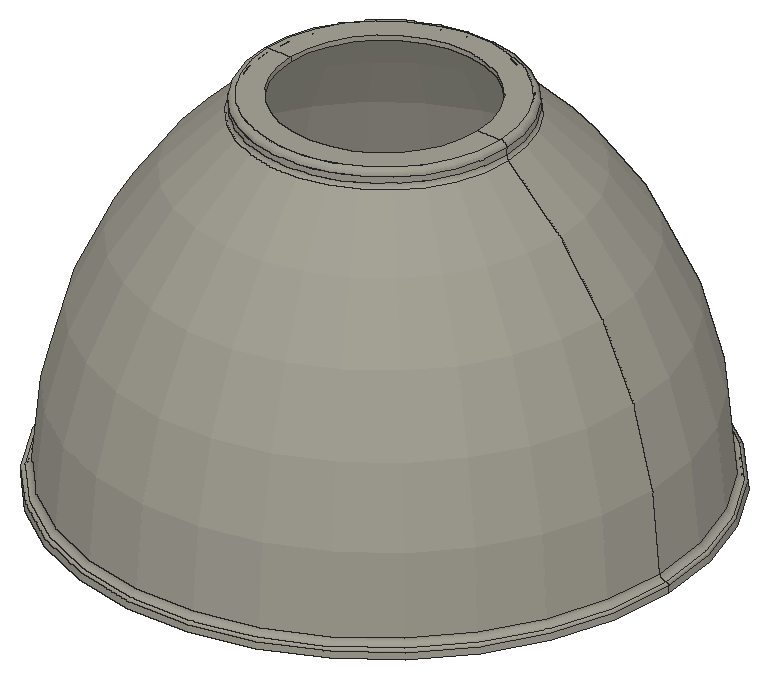
Revit family "HO12", category Lighting Fixtures, Revit 2024
Family settings
  Round Connector Dimension = Use Diameter
  Part Type = Normal
  OmniClass Number = 23.80.70.00
  OmniClass Title = Lighting
  Work Plane-Based = No
  Always vertical = Yes
  Cut with Voids When Loaded = No
  Light Source = No
  Maintain Annotation Orientation = No
  Shared = No
  Room Calculation Point = No
Parameters
  Default Elevation = 0' - 0"
Reference planes (in)
  plane 1 "Light Source Axis (F/B)": y = 0
  plane 2: z = 0
  plane 3 "Light Source Axis (L/R)": x = 0
  plane 4 "Light Source Elevation": z = 54
Forms (in)
  Revolve 1, solid, material "97G"
    sketch origin (0, 0, 0) x (1, 0, 0) y (0, 0, 1)
      loop
        arc (6.05133, 54.3125) -> (5.17275, 58.16168) -> (2.74126, 61.27229) r 9.06492
        arc (2.74126, 61.27229) -> (2.70175, 61.31703) -> (2.6875, 61.375) r 0.125
        line (2.6875, 61.375) -> (2.6875, 61.5)
        arc (2.6875, 61.5) -> (2.65089, 61.58839) -> (2.5625, 61.625) r 0.125
        line (2.5625, 61.625) -> (2.0625, 61.625) -> (2.0625, 61.53125) -> (2.5625, 61.53125)
        arc (2.5625, 61.53125) -> (2.5846, 61.5221) -> (2.59375, 61.5) r 0.03125
        line (2.59375, 61.5) -> (2.59375, 61.375)
        arc (2.59375, 61.375) -> (2.61769, 61.2755) -> (2.68427, 61.19777) r 0.21875
        arc (2.68427, 61.19777) -> (5.08875, 58.12002) -> (5.95758, 54.31224) r 8.97117
        arc (5.95758, 54.31224) -> (6.01186, 54.16826) -> (6.14752, 54.09565) r 0.21875
        line (6.14752, 54.09565) -> (6.15589, 54) -> (6.25, 54) -> (6.23859, 54.13045)
        arc (6.23859, 54.13045) -> (6.21855, 54.17108) -> (6.17633, 54.1875) r 0.0625
        arc (6.17633, 54.1875) -> (6.08794, 54.22411) -> (6.05133, 54.3125) r 0.125
      axis (0, 61.625) -> (0, 54)
    angle from 0 to 360
Dimensions and locks (in)
  aligned and locked: level to plane 2
